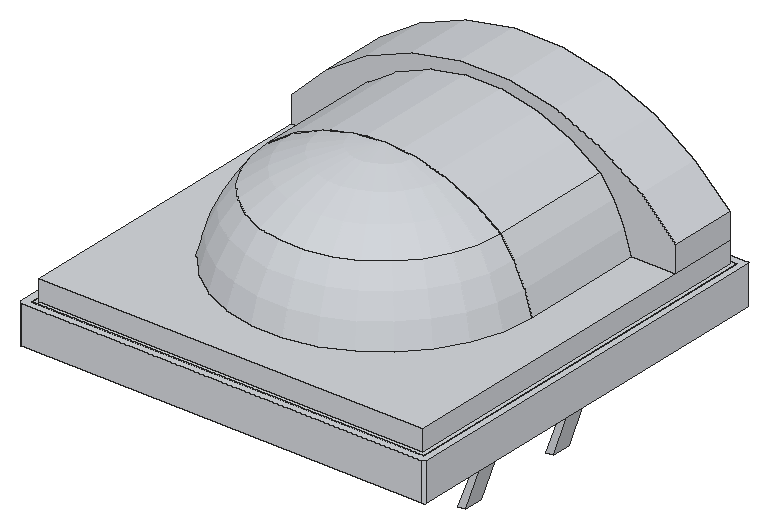
Revit family "Gira_537528", category Electrical Fixtures, host Face, Revit 2017
Family settings
  Host = Face
  Maintain Annotation Orientation = Yes
  Round Connector Dimension = Use Diameter
  Part Type = Normal
  Cut with Voids When Loaded = No
  Shared = No
  Room Calculation Point = No
Parameters (values of type "S3000 motion detec.top 2.20 m Standard System 55 anthra.")
  URL = "http://katalog.gira.de/en/datenblatt.html?artikelnr=537528"
  Name = "S3000 motion detec.top 2.20 m Standard System 55 anthra."
  Model = "Movement sensor"
  Manufacturer URL = "https://www.gira.de/"
  Manufacturer = "Gira"
  Keynote = ""
  HeinzeBIM = "https://bimportal.heinze.de/bim/s3000-motion-detec-top-2-20-m-standard-system-55-anthra-/c4b63095649c82497ae68209426162848b2ceb7a"
  HAN = "537528"
  GTIN = "4010337051176"
  Description = "S3000 mot.det.top 2.20m Std Sys55 AN,System 3000 motion detector top unit 2.20 m Standard,System 55,anthracite,Features:,- Automatic switching of lighting, depending on the movement of heat and ambient brightness.,- Operation with System 3000 switching or dimming insert or 3-wire auxiliary insert.,- Expansion of the detection range in combination with the 3-wire auxiliary insert.,- Adjustable brightness threshold.,- Sensitivity adjustable in four steps.,- When connecting a System 3000 auxiliary insert with an operating top unit or mechanical button to the main unit, the lighting can be switched on or dimmed for the duration of the delay time.,With System 3000 dimming insert:,- Switch on with the last brightness set, or a saved switch-on brightness.,- The switch-on brightness can only be saved permanently via the System 3000 auxiliary insert with operating top unit."
  Default Elevation = 1219.2 mm
  Data sheet (1) = "https://katalog.gira.de/en/download.html?artikelnr=537528"
  Category = "Sensor element for movement sensor"
  BIM (1) = "https://media.stage.bim.site/public/gira/36a6b08/Bewegungsmelder_2,20m.rfa"
  Available = "No"
Reference planes
  plane 1 "Center (Front/Back)": y = 0
  plane 2: z = 0
  plane 3 "Center (Left/Right)": x = 0
Forms (mm)
  Extrusion 1, solid, detail levels fine
    sketch origin (0, 0, 0) x (1, 0, 0) y (0, 0, 1)
      loop
        line (-33.25, 14.602) -> (-33.25, 10.1) -> (33.25, 10.1) -> (33.25, 14.602)
        arc (33.25, 14.602) -> (0, 30.256) -> (-33.25, 14.602) r 43.139
    from -33.25 to -21.609
  Extrusion 2, solid, detail levels fine
    sketch origin (0, 0, 0) x (1, 0, 0) y (0, 1, 0)
      loop
        line (-33.25, 33.25) -> (-33.25, -33.25) -> (33.25, -33.25) -> (33.25, 33.25) -> (-33.25, 33.25)
    from 6.6 to 10.1
  Extrusion 3, solid, detail levels fine
    sketch origin (0, 0, 0) x (1, 0, 0) y (0, 0, 1)
      loop
        arc (20.138, 21.225) -> (0, 28.457) -> (-20.138, 21.225) r 31.652
        arc (-20.138, 21.225) -> (-23.48, 15.984) -> (-25.486, 10.1) r 26.053
        line (-25.486, 10.1) -> (25.486, 10.1)
        arc (25.486, 10.1) -> (23.48, 15.984) -> (20.138, 21.225) r 26.053
    from -21.609 to 0
  Revolve 4, solid, detail levels fine
    sketch origin (0, 0, 0) x (1, 0, 0) y (0, 0, 1)
      loop
        arc (0, 28.457) -> (-10.699, 26.594) -> (-20.138, 21.225) r 31.652
        arc (-20.138, 21.225) -> (-23.48, 15.984) -> (-25.486, 10.1) r 26.053
        line (-25.486, 10.1) -> (0, 10.1) -> (0, 28.457)
      axis (0, 28.457) -> (0, 10.1)
    angle from -180 to 0
  Extrusion 5, solid, detail levels fine
    sketch origin (0, 0, 0) x (1, 0, 0) y (0, 1, 0)
      loop
        spline (-34.7, 35.2) -> (-34.765, 35.196) -> (-34.829, 35.183) -> (-34.891, 35.162) -> (-34.95, 35.133) -> (-35.004, 35.097) -> (-35.054, 35.054) -> (-35.097, 35.004) -> (-35.133, 34.95) -> (-35.162, 34.891) -> (-35.183, 34.829) -> (-35.196, 34.765) -> (-35.2, 34.7)
        line (-35.2, 34.7) -> (-35.2, -34.7)
        spline (-35.2, -34.7) -> (-35.196, -34.765) -> (-35.183, -34.829) -> (-35.162, -34.891) -> (-35.133, -34.95) -> (-35.097, -35.004) -> (-35.054, -35.054) -> (-35.004, -35.097) -> (-34.95, -35.133) -> (-34.891, -35.162) -> (-34.829, -35.183) -> (-34.765, -35.196) -> (-34.7, -35.2)
        line (-34.7, -35.2) -> (34.7, -35.2)
        spline (34.7, -35.2) -> (34.765, -35.196) -> (34.829, -35.183) -> (34.891, -35.162) -> (34.95, -35.133) -> (35.004, -35.097) -> (35.054, -35.054) -> (35.097, -35.004) -> (35.133, -34.95) -> (35.162, -34.891) -> (35.183, -34.829) -> (35.196, -34.765) -> (35.2, -34.7)
        line (35.2, -34.7) -> (35.2, 34.7)
        spline (35.2, 34.7) -> (35.196, 34.765) -> (35.183, 34.829) -> (35.162, 34.891) -> (35.133, 34.95) -> (35.097, 35.004) -> (35.054, 35.054) -> (35.004, 35.097) -> (34.95, 35.133) -> (34.891, 35.162) -> (34.829, 35.183) -> (34.765, 35.196) -> (34.7, 35.2)
        line (34.7, 35.2) -> (-34.7, 35.2)
      loop
        line (-33.986, 33.986) -> (-33.986, -33.986) -> (33.986, -33.986) -> (33.986, 33.986) -> (-33.986, 33.986)
    from 0 to 6.6
  Extrusion 6, solid, detail levels fine
    sketch origin (0, 0, 0) x (1, 0, 0) y (0, 1, 0)
      loop
        line (-33.986, 33.986) -> (-33.986, -33.986) -> (33.986, -33.986) -> (33.986, 33.986) -> (-33.986, 33.986)
    from 5 to 6.6
  Extrusion 7, solid
    sketch origin (0, 0, 0) x (1, 0, 0) y (0, 1, 0)
      loop
        line (-23.656, 22.752) -> (-23.656, -22.748)
        arc (-23.656, -22.748) -> (-23.409, -23.369) -> (-22.801, -23.65) r 0.904
        line (-22.801, -23.65) -> (22.796, -23.65)
        arc (22.796, -23.65) -> (23.404, -23.369) -> (23.656, -22.748) r 0.904
        line (23.656, -22.748) -> (23.652, 22.752)
        arc (23.652, 22.752) -> (23.404, 23.374) -> (22.796, 23.655) r 0.904
        line (22.796, 23.655) -> (-22.801, 23.655)
        arc (-22.801, 23.655) -> (-23.409, 23.374) -> (-23.656, 22.752) r 0.904
    from -3.2 to 5
  Extrusion 8, solid, detail levels fine
    sketch origin (0, 0, 0) x (1, 0, 0) y (0, 1, 0)
      loop
        line (-27.334, -25) -> (-26.366, -25) -> (-26.366, 26.298) -> (26.366, 26.298) -> (26.366, -25) -> (27.334, -25) -> (27.334, 27.402) -> (-27.334, 27.402) -> (-27.334, -25)
    from -1.1 to 5
  Extrusion 9, solid, detail levels fine
    sketch origin (0, 0, 0) x (1, 0, 0) y (0, 1, 0)
      loop
        line (-5.141, 20.682) -> (-5.141, 15.098)
        spline (-5.141, 15.098) -> (-5.133, 14.968) -> (-5.107, 14.84) -> (-5.065, 14.716) -> (-5.007, 14.599) -> (-4.935, 14.49) -> (-4.849, 14.391) -> (-4.75, 14.305) -> (-4.641, 14.233) -> (-4.524, 14.175) -> (-4.4, 14.133) -> (-4.272, 14.107) -> (-4.142, 14.099)
        line (-4.142, 14.099) -> (4.142, 14.099)
        spline (4.142, 14.099) -> (4.272, 14.107) -> (4.4, 14.133) -> (4.524, 14.175) -> (4.641, 14.233) -> (4.75, 14.305) -> (4.849, 14.391) -> (4.935, 14.49) -> (5.007, 14.599) -> (5.065, 14.716) -> (5.107, 14.84) -> (5.133, 14.968) -> (5.141, 15.098)
        line (5.141, 15.098) -> (5.141, 20.682)
        spline (5.141, 20.682) -> (5.133, 20.812) -> (5.107, 20.94) -> (5.065, 21.064) -> (5.007, 21.181) -> (4.935, 21.29) -> (4.849, 21.389) -> (4.75, 21.475) -> (4.641, 21.547) -> (4.524, 21.605) -> (4.4, 21.647) -> (4.272, 21.673) -> (4.142, 21.681)
        line (4.142, 21.681) -> (-4.142, 21.681)
        spline (-4.142, 21.681) -> (-4.272, 21.673) -> (-4.4, 21.647) -> (-4.524, 21.605) -> (-4.641, 21.547) -> (-4.75, 21.475) -> (-4.849, 21.389) -> (-4.935, 21.29) -> (-5.007, 21.181) -> (-5.065, 21.064) -> (-5.107, 20.94) -> (-5.133, 20.812) -> (-5.141, 20.682)
    from -19.6 to -3.2
  Extrusion 10, solid, detail levels fine
    sketch origin (0, 0, 0) x (1, 0, 0) y (0, 0, 1)
      loop
        line (-24.966, -3.825) -> (-25.395, -8.726) -> (-23.048, -15.543) -> (-21.665, -15.713) -> (-24.338, -8.563) -> (-23.422, -1.1) -> (-25.014, -1.1) -> (-24.966, -3.825)
      loop
        line (24.966, -3.825) -> (25.014, -1.1) -> (23.422, -1.1) -> (24.338, -8.563) -> (21.665, -15.713) -> (23.048, -15.543) -> (25.395, -8.726) -> (24.966, -3.825)
    from -11.1 to -7.9
  Extrusion 11, solid, detail levels fine
    sketch origin (0, 0, 0) x (1, 0, 0) y (0, 0, -1)
      loop
        line (-24.966, 3.825) -> (-25.014, 1.1) -> (-23.422, 1.1) -> (-24.338, 8.563) -> (-21.665, 15.713) -> (-23.048, 15.543) -> (-25.395, 8.726) -> (-24.966, 3.825)
      loop
        line (24.966, 3.825) -> (25.395, 8.726) -> (23.048, 15.543) -> (21.665, 15.713) -> (24.338, 8.563) -> (23.422, 1.1) -> (25.014, 1.1) -> (24.966, 3.825)
    from -11.1 to -7.9
  Extrusion 12, solid
    sketch origin (0, 0, 0) x (1, 0, 0) y (0, 1, 0)
      loop
        line (-23.656, 22.752) -> (-23.656, -22.748)
        arc (-23.656, -22.748) -> (-23.409, -23.369) -> (-22.801, -23.65) r 0.904
        line (-22.801, -23.65) -> (22.796, -23.65)
        arc (22.796, -23.65) -> (23.404, -23.369) -> (23.656, -22.748) r 0.904
        line (23.656, -22.748) -> (23.652, 22.752)
        arc (23.652, 22.752) -> (23.404, 23.374) -> (22.796, 23.655) r 0.904
        line (22.796, 23.655) -> (-22.801, 23.655)
        arc (-22.801, 23.655) -> (-23.409, 23.374) -> (-23.656, 22.752) r 0.904
    from -3.2 to 5
  Extrusion 13, solid, detail levels medium
    sketch origin (0, 0, 0) x (1, 0, 0) y (0, 1, 0)
      loop
        line (-35.2, 35.2) -> (-35.2, -35.2) -> (35.2, -35.2) -> (35.2, 35.2) -> (-35.2, 35.2)
    from 0 to 6.6
  Extrusion 14, solid, detail levels medium
    sketch origin (0, 0, 0) x (1, 0, 0) y (0, 1, 0)
      loop
        line (-33.25, 33.25) -> (-33.25, -33.25) -> (33.25, -33.25) -> (33.25, 33.25) -> (-33.25, 33.25)
    from 6.6 to 30.256
  Extrusion 15, solid, detail levels medium
    sketch origin (0, 0, 0) x (1, 0, 0) y (0, 1, 0)
      loop
        line (-23.656, 23.655) -> (-23.656, -23.65) -> (23.656, -23.65) -> (23.656, 23.655) -> (-23.656, 23.655)
    from -3.2 to 5
  Extrusion 16, solid, detail levels medium
    sketch origin (0, 0, 0) x (1, 0, 0) y (0, 0, 1)
      loop
        line (-25.014, -1.1) -> (-25.014, -15.713) -> (-21.665, -15.713) -> (-21.665, -1.1) -> (-25.014, -1.1)
      loop
        line (25.014, -1.1) -> (21.665, -1.1) -> (21.665, -15.713) -> (25.014, -15.713) -> (25.014, -1.1)
    from -11.1 to -7.9
  Extrusion 17, solid, detail levels medium
    sketch origin (0, 0, 0) x (1, 0, 0) y (0, 0, -1)
      loop
        line (-25.014, 1.1) -> (-21.665, 1.1) -> (-21.665, 15.713) -> (-25.014, 15.713) -> (-25.014, 1.1)
      loop
        line (25.014, 1.1) -> (25.014, 15.713) -> (21.665, 15.713) -> (21.665, 1.1) -> (25.014, 1.1)
    from -11.1 to -7.9
  Extrusion 18, solid, detail levels medium
    sketch origin (0, 0, 0) x (1, 0, 0) y (0, 1, 0)
      loop
        line (-5.141, 14.099) -> (5.141, 14.099) -> (5.141, 21.681) -> (-5.141, 21.681) -> (-5.141, 14.099)
    from -19.6 to -3.2
  Extrusion 19, solid, detail levels coarse
    sketch origin (0, 0, 0) x (1, 0, 0) y (0, 1, 0)
      loop
        line (-35.2, 35.2) -> (-35.2, -35.2) -> (35.2, -35.2) -> (35.2, 35.2) -> (-35.2, 35.2)
    from -19.6 to 30.256
Dimensions and locks
  aligned and locked: plane 2 to host face
  aligned and locked: level to host face
  aligned and locked: nested 1 to plane 3 "Center (Left/Right)"
  aligned and locked: plane 1 "Center (Front/Back)" to nested 1
Nested families
  nested 1: "Belegungssensor - Bewegung - Aufputz - Beschriftung" at (0, 0, 0) x (0, -1, 0) z (0, 0, 1), type "Belegungssensor - Bewegung - Aufputz - Beschriftung"
Connectors
  electrical at (0, 0, -19.6)
    settings: on Extrusion 19, index 1, voltage 220 V, apparent load 0 VA, apparent load phase1 0 VA, apparent load phase2 0 VA, apparent load phase3 0 VA, power factor 1, load classification "Other", number of poles 1, system type 30, power factor state 1, is connector primary yes, connector utility no, sub classification motor no, connector description ""
Definition of nested family "Belegungssensor - Bewegung - Aufputz - Beschriftung"
  Reference planes
    plane 1: y = 0
    plane 2: x = 0
  Lines and regions (mm)
    Filled region 1, type "Gefüllter Bereich 1"
      outline origin (143.425, -20.712, 0) x (1, 0, 0) y (0, 1, 0)
        loop
          line (-148.697, 21.204) -> (-148.697, 20.409) -> (-147.583, 20.807) -> (-148.697, 21.204)
    Filled region 2, type "Gefüllter Bereich 1"
      outline origin (141.808, 30.001, 0) x (0.939693, 0.34202, 0) y (-0.34202, 0.939693, 0)
        loop
          line (-148.694, 21.203) -> (-148.694, 20.41) -> (-147.583, 20.807) -> (-148.694, 21.203)
    Filled region 3, type "Gefüllter Bereich 1"
      outline origin (141.819, -29.825, 0) x (-0.34202, -0.939693, 0) y (0.939693, -0.34202, 0)
        loop
          line (21.204, -148.697) -> (20.807, -147.583) -> (20.409, -148.697) -> (21.204, -148.697)
    detail lines
      curve 1: line (-1.207, 0.095, 0) -> (-3.486, 1.411, 0)
      curve 2: line (-1.207, 0.095, 0) -> (-3.486, -1.221, 0)
      curve 5: arc (-3.252, 1.752, 0) -> (-3.839, 0.095, 0) -> (-3.252, -1.562, 0) r 2.632
      curve 6: line (-6, 3, 0) -> (0, 3, 0)
      curve 7: line (-6, -3, 0) -> (-6, 3, 0)
      curve 8: line (0, -3, 0) -> (-6, -3, 0)
      curve 9: line (0, 3, 0) -> (0, -3, 0)
    reference lines
      curve 3: line (-1.207, 0.095, 0) -> (-3.616, 2.046, 0)
      curve 4: line (-1.207, 0.095, 0) -> (-3.616, -1.856, 0)
  Dimensions and locks
    curve 1 to curve 1 = 2.632 mm
    curve 2 to curve 2 = 2.632 mm
    curve 6 to curve 8 = 6 mm
    curve 7 to curve 9 = 6 mm
    angle curve 1 to curve 2 = 60.00°
    aligned and locked: curve 6 to curve 7
    aligned and locked: curve 9 to curve 9
